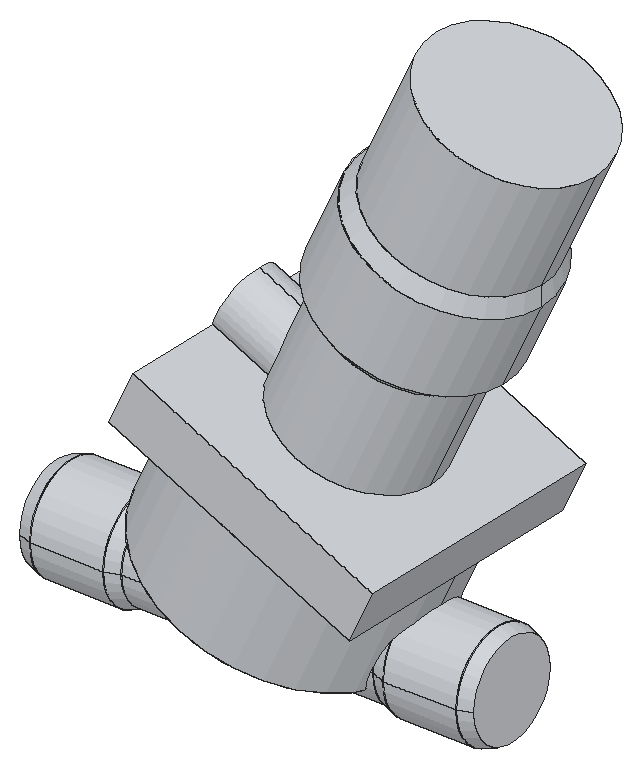
Revit family "OPTIMA_Compact_P_MM_DN15_5,0_RFA_2018", category Pipe Accessories, Revit 2018
Family settings
  Round Connector Dimension = Use Diameter
  Part Type = Valve - Breaks Into
  Work Plane-Based = No
  Always vertical = Yes
  Cut with Voids When Loaded = No
  Shared = No
Parameters (values of type "OPTIMA Compact P DN15 M-M 5.0mm")
  magiProductId = "de010cba6d924babace2e100200bd1"
  magiProductFamilyId = "5ce2593e541b4756b7958a6220b877"
  magiPartTypeId = 304
  isMeasuringValve [instance] = no
  ang2D [instance] = 0.00°
  Z6 = 5 mm
  Z5 = 88.5 mm
  Z4 = 18.303 mm
  Z3 = 13 mm
  Z2 = 8.022 mm
  Z1 = 16.845 mm
  X2 = 10.5 mm
  X1 = 14.5 mm
  W2D = 15 mm
  VersionID = "2.0/2019.5.23.1/FRESE_OPTIMA-P_201"
  VIS0 = no
  Use Minimum Symbol Size [instance] = no
  URL = "www.hydronic.cz"
  Type Comments = "vnější závit; PN25; 0~120°C, dpmax=800kPa; bez měřicích vsuvek"
  TLT2 = 32.5 mm
  TL = 65 mm
  R7 = 5 mm
  R5 = 13.794 mm
  R4 = 12.54 mm
  R3 = 11.4 mm
  R2__ve = -R2  # -19 mm
  R2 = 19 mm
  R1 = 6.75 mm
  QmdConnectorList = "301;D;302;D"
  Productdata [instance] = ""
  Manufacturer = "Hydronic Systems Prague s.r.o."
  MC Product Code = "53-4102  (1/2\" M-M; 5.0mm; Qmin~Qmax při dps=5kPa = 198~1032 l/h; Qmin~Qmax při dps=10kPa = 156~809 l/h; kvs=2,7)"
  MC Piping Given Pressure Drop [instance] = 0.0 Pa
  MC Enable LOD 350 = no
  MC Enable LOD 200 = no
  MC Constant Outlet Pressure [instance] = 0.0 Pa
  LLDONLY = not(BBVIS)  # yes
  LLDAndHLD = and(or(LLDONLY, MC Enable LOD 350), not(BBVIS))  # yes
  L4 = 13.435 mm
  L3 = 19 mm
  L2D_Min = 30.48 mm
  L2D = 36 mm
  L2 = 44.42 mm
  L = 36 mm
  HH = 80.215 mm
  H = 83 mm
  ENBL350 = and(MC Enable LOD 350, not(BBVIS))  # no
  Description = "Armatura pro regulaci průtoku, omezení průtoku a stabilizaci tlakové diference"
  DT2 = 7.5 mm
  D = 15 mm
  CAT = no
  BBVIS = MC Enable LOD 200  # no
Types (4, lengths in mm): name | magiProductId | Z5 | X2 | X1 | W2D | TLT2 | TL | R1 | MC Product Code | L2D | L | DT2 | D
  OPTIMA Compact P DN15 M-M 2.5mm | "e2c6e2867cb04e20b310fc655d8e25" | 88.5 | 10.5 | 14.5 | 15 | 32.5 | 65 | 6.75 | "53-4100  (1/2\" M-M; 2.5mm; Qmin~Qmax při dps=5kPa = 93~482 l/h; Qmin~Qmax při dps=10kPa = 73~378 l/h; kvs=1,3)" | 36 | 36 | 7.5 | 15
  OPTIMA Compact P DN15 M-M 5.0mm | "de010cba6d924babace2e100200bd1" | 88.5 | 10.5 | 14.5 | 15 | 32.5 | 65 | 6.75 | "53-4102  (1/2\" M-M; 5.0mm; Qmin~Qmax při dps=5kPa = 198~1032 l/h; Qmin~Qmax při dps=10kPa = 156~809 l/h; kvs=2,7)" | 36 | 36 | 7.5 | 15
  OPTIMA Compact P DN20 M-M 2.5mm | "9b3b796f370b421c8a31739fcad6d9" | 91 | 12.8 | 16.8 | 20 | 35 | 70 | 9 | "53-4103  (3/4\" M-M; 2.5mm; Qmin~Qmax při dps=5kPa = 93~482 l/h; Qmin~Qmax při dps=10kPa = 73~378 l/h; kvs=1,3)" | 36.4 | 36.4 | 10 | 20
  OPTIMA Compact P DN20 M-M 5.0mm | "2f6d325ab3f64974a2f7ca30c30193" | 91 | 12.8 | 16.8 | 20 | 35 | 70 | 9 | "53-4105  (3/4\" M-M; 5.0mm; Qmin~Qmax při dps=5kPa = 198~1032 l/h; Qmin~Qmax při dps=10kPa = 156~809 l/h; kvs=2,7)" | 36.4 | 36.4 | 10 | 20
Reference planes
  plane 1 "Center (Front/Back)": y = 0
  plane 2 "XYPLANE": z = 0
  plane 3 "Center (Left/Right)": x = 0
  plane 4 "100": y = -19
  plane 5 "99": y = 19
  plane 6 "98": x = 44.42
  plane 7 "94": through (-654.382, 0, 375.613) normal (0.4226, 0, 0.9063)
  plane 8 "92": through (-655.439, 0, 373.347) normal (0.4226, 0, 0.9063)
  plane 9 "86": z = -7.5
  plane 10 "76": through (305.901, 0, 683.957) normal (0.9063, 0, -0.4226)
  plane 11 "60": through (-660.933, 0, 361.565) normal (0.4226, 0, 0.9063)
  plane 12 "57": through (-661.99, 0, 359.299) normal (0.4226, 0, 0.9063)
  plane 13 "55": through (-669.109, 0, 344.032) normal (0.4226, 0, 0.9063)
  plane 14 "52": through (-668.263, 0, 345.845) normal (0.4226, 0, 0.9063)
  plane 15 "48": through (-672.499, 0, 336.762) normal (0.4226, 0, 0.9063)
  plane 16 "47": y = -19
  plane 17 "46": y = 19
  plane 18 "45": through (332.184, 0, 671.701) normal (0.9063, 0, -0.4226)
  plane 19 "44": through (297.744, 0, 687.761) normal (0.9063, 0, -0.4226)
  plane 20 "40": through (-682.576, 0, 315.151) normal (0.4226, 0, 0.9063)
  plane 21 "38": through (-679.618, 0, 321.495) normal (0.4226, 0, 0.9063)
  plane 22 "37": y = 0
  plane 23 "36": through (314.964, 0, 679.731) normal (0.9063, 0, -0.4226)
  plane 24 "32": x = 30.5
  plane 25 "31": x = 20
  plane 26 "30": x = 18
  plane 27 "19": x = -18
  plane 28 "18": x = -20
  plane 29 "12": x = -30.5
  plane 30 "6": x = 32.5
  plane 31 "5": x = -32.5
  plane 32 "3": z = 0
  plane 33 "2": y = 0
  plane 34 "33XY": through (-681.731, 0, 316.964) normal (0.4226, 0, 0.9063)
  plane 35 "33XZ": y = 0
  plane 36 "33YZ": through (314.964, 0, 679.731) normal (0.9063, 0, -0.4226)
Forms (mm)
  Extrusion 1, solid, visible <- "BBVIS"
    sketch origin (-750, 0, -7.5) x (1, 0, 0) y (0, 1, 0)
      loop
        line (717.5, 19) -> (717.5, -19) -> (794.42, -19) -> (794.42, 19) -> (717.5, 19)
    from 0 to 88.5 <- "Z5"
  Extrusion 2, solid, visible <- "LLDAndHLD"
    sketch origin (-654.382, 0, 375.613) x (0.906308, 0, -0.422618) y (0, 1, 0)
      loop
        circle (750, 0) r 12.54
    from 0 to 18.303 <- "Z4"
  Blend 3, solid, visible <- "LLDAndHLD"
    base sketch origin (-655.439, 0, 373.347) x (0.906308, 0, -0.422618) y (0, 1, 0)
      loop
        circle (750, 0) r 13.794
    top sketch origin (-655.439, 0, 373.347) x (0.906308, 0, -0.422618) y (0, 1, 0)
      loop
        circle (750, 0) r 12.54
    from 0 to 2.5
  Extrusion 4, solid, visible <- "LLDAndHLD"
    sketch origin (-660.933, 0, 361.565) x (0.906308, 0, -0.422618) y (0, 1, 0)
      loop
        circle (750, 0) r 13.794
    from 0 to 13 <- "Z3"
  Blend 5, solid, visible <- "LLDAndHLD"
    base sketch origin (-661.99, 0, 359.299) x (0.906308, 0, -0.422618) y (0, 1, 0)
      loop
        circle (750, 0) r 11.4
    top sketch origin (-661.99, 0, 359.299) x (0.906308, 0, -0.422618) y (0, 1, 0)
      loop
        circle (750, 0) r 12.54
    from 0 to 2.5
  Extrusion 6, solid, visible <- "LLDAndHLD"
    sketch origin (-669.109, 0, 344.032) x (0.906308, 0, -0.422618) y (0, 1, 0)
      loop
        circle (750, 0) r 11.4
    from 0 to 16.845 <- "Z1"
  Extrusion 7, solid, visible <- "LLDAndHLD"
    sketch origin (314.964, 0, 679.731) x (-0.422618, 0, -0.906308) y (0, 1, 0)
      loop
        circle (718.133, 0) r 5
    from 0 to -19 <- "R2__ve"
  Extrusion 8, solid, visible <- "LLDAndHLD"
    sketch origin (-672.499, 0, 336.762) x (0.906308, 0, -0.422618) y (0, 1, 0)
      loop
        line (731, 19) -> (731, -19) -> (769, -19) -> (769, 19) -> (731, 19)
    from 0 to 8.022 <- "Z2"
  Blend 9, solid, visible <- "LLDAndHLD"
    base sketch origin (-682.576, 0, 315.151) x (0.906308, 0, -0.422618) y (0, 1, 0)
      loop
        circle (740, 0) r 6.75
    top sketch origin (-682.576, 0, 315.151) x (0.906308, 0, -0.422618) y (0, 1, 0)
      loop
        circle (750, 0) r 19
    from 0 to 7
  Extrusion 10, solid, visible <- "LLDAndHLD"
    sketch origin (-679.618, 0, 321.495) x (0.906308, 0, -0.422618) y (0, 1, 0)
      loop
        circle (750, 0) r 19
    from 0 to 16.845 <- "Z1"
  Extrusion 11, solid, visible <- "LLDAndHLD"
    sketch origin (-18, -750, 0) x (0, 1, 0) y (0, 0, 1)
      loop
        circle (750, 0) r 6.75
    from 0 to 36 <- "L"
  Blend 12, solid, visible <- "LLDAndHLD"
    base sketch origin (18, -750, 0) x (0, 1, 0) y (0, 0, 1)
      loop
        circle (750, 0) r 6.75
    top sketch origin (18, -750, 0) x (0, 1, 0) y (0, 0, 1)
      loop
        circle (750, 0) r 7.5
    from 0 to 2
  Extrusion 13, solid, visible <- "LLDAndHLD"
    sketch origin (20, -750, 0) x (0, 1, 0) y (0, 0, 1)
      loop
        circle (750, 0) r 7.5
    from 0 to 10.5 <- "X2"
  Blend 14, solid, visible <- "LLDAndHLD"
    base sketch origin (32.5, -750, 0) x (0, 1, 0) y (0, 0, 1)
      loop
        circle (750, 0) r 6.75
    top sketch origin (32.5, -750, 0) x (0, 1, 0) y (0, 0, 1)
      loop
        circle (750, 0) r 7.5
    from 0 to -2
  Blend 15, solid, visible <- "LLDAndHLD"
    base sketch origin (-18, -750, 0) x (0, 1, 0) y (0, 0, 1)
      loop
        circle (750, 0) r 6.75
    top sketch origin (-18, -750, 0) x (0, 1, 0) y (0, 0, 1)
      loop
        circle (750, 0) r 7.5
    from 0 to -2
  Extrusion 16, solid, visible <- "LLDAndHLD"
    sketch origin (-30.5, -750, 0) x (0, 1, 0) y (0, 0, 1)
      loop
        circle (750, 0) r 7.5
    from 0 to 10.5 <- "X2"
  Blend 17, solid, visible <- "LLDAndHLD"
    base sketch origin (-32.5, -750, 0) x (0, 1, 0) y (0, 0, 1)
      loop
        circle (750, 0) r 6.75
    top sketch origin (-32.5, -750, 0) x (0, 1, 0) y (0, 0, 1)
      loop
        circle (750, 0) r 7.5
    from 0 to 2
  Extrusion 18, solid, not visible
    sketch origin (18, -750, 0) x (0, 1, 0) y (0, 0, 1)
      loop
        circle (750, 0) r 10
    from 0 to -10
  Extrusion 19, solid, not visible
    sketch origin (-18, -750, 0) x (0, 1, 0) y (0, 0, 1)
      loop
        circle (750, 0) r 10
    from 0 to 10
Lines and regions (mm)
  reference lines, not visible
    curve 1: circle (2, 2, 0) r 1 normal (0, 0, 1)
Dimensions and locks
  plane 1 "Center (Front/Back)" to curve 1 = 2 mm
  "R2": plane 1 "Center (Front/Back)" to plane 4 "100"
  "R2": plane 1 "Center (Front/Back)" to plane 5 "99"
  "L2": plane 3 "Center (Left/Right)" to plane 6 "98"
  locked: plane 8 "92" to plane 7 "94" at 2.5
  "Z3": plane 11 "60" to plane 8 "92"
  "DT2": plane 2 "XYPLANE" to plane 9 "86"
  locked: plane 36 "33YZ" to plane 10 "76" at 10
  locked: plane 12 "57" to plane 11 "60" at 2.5
  "Z1": plane 13 "55" to plane 12 "57"
  "Z2": plane 15 "48" to plane 13 "55"
  locked: plane 13 "55" to plane 14 "52" at 2
  "Z1": plane 21 "38" to plane 15 "48"
  "R2": plane 35 "33XZ" to plane 16 "47"
  "R2": plane 35 "33XZ" to plane 17 "46"
  "R2": plane 36 "33YZ" to plane 18 "45"
  "R2": plane 36 "33YZ" to plane 19 "44"
  locked: plane 34 "33XY" to plane 20 "40" at 2
  locked: plane 34 "33XY" to plane 21 "38" at 5
  locked: plane 35 "33XZ" to plane 22 "37"
  locked: plane 36 "33YZ" to plane 23 "36"
  "X2": plane 25 "31" to plane 24 "32"
  locked: plane 26 "30" to plane 25 "31" at 2
  "L": plane 27 "19" to plane 26 "30"
  locked: plane 28 "18" to plane 27 "19" at 2
  "X2": plane 29 "12" to plane 28 "18"
  locked: plane 31 "5" to plane 29 "12" at 2
  locked: plane 24 "32" to plane 30 "6" at 2
  "TLT2": plane 3 "Center (Left/Right)" to plane 31 "5"
  locked: plane 2 "XYPLANE" to plane 32 "3"
  locked: plane 1 "Center (Front/Back)" to plane 33 "2"
  Extrusion 1 sketch curve to Extrusion 1 sketch curve = 0 mm  (x8)
  Extrusion 8 sketch curve to Extrusion 8 sketch curve = 0 mm  (x8)
  "R4": radius of Extrusion 2 sketch curve
  "R4": radius of Blend 3 sketch curve
  "R5": radius of Blend 3 sketch curve
  "R5": radius of Extrusion 4 sketch curve
  "R4": radius of Blend 5 sketch curve
  "R3": radius of Blend 5 sketch curve
  "R3": radius of Extrusion 6 sketch curve
  "R7": radius of Extrusion 7 sketch curve
  "R2": radius of Blend 9 sketch curve
  "R1": radius of Blend 9 sketch curve
  "R2": radius of Extrusion 10 sketch curve
  "R1": radius of Extrusion 11 sketch curve
  "DT2": radius of Blend 12 sketch curve
  "R1": radius of Blend 12 sketch curve
  "DT2": radius of Extrusion 13 sketch curve
  "DT2": radius of Blend 14 sketch curve
  "R1": radius of Blend 14 sketch curve
  "DT2": radius of Blend 15 sketch curve
  "R1": radius of Blend 15 sketch curve
  "DT2": radius of Extrusion 16 sketch curve
  "DT2": radius of Blend 17 sketch curve
  "R1": radius of Blend 17 sketch curve
  aligned and locked: level to plane 2 "XYPLANE"
  aligned and locked: Extrusion 1 sketch curve to plane 31 "5"
  aligned and locked: plane 5 "99" to Extrusion 1 sketch curve  (x2)
  aligned and locked: plane 4 "100" to Extrusion 1 sketch curve  (x2)
  aligned and locked: plane 31 "5" to Extrusion 1 sketch curve
  aligned and locked: plane 6 "98" to Extrusion 1 sketch curve  (x2)
  aligned and locked: plane 22 "37" to Extrusion 2 sketch curve
  aligned and locked: Extrusion 2 sketch curve to plane 23 "36"
  aligned and locked: plane 22 "37" to Blend 3 sketch curve  (x2)
  aligned and locked: Blend 3 sketch curve to plane 23 "36"  (x2)
  aligned and locked: plane 7 "94" to Blend 3
  aligned and locked: plane 22 "37" to Extrusion 4 sketch curve
  aligned and locked: Extrusion 4 sketch curve to plane 23 "36"
  aligned and locked: plane 22 "37" to Blend 5 sketch curve  (x2)
  aligned and locked: Blend 5 sketch curve to plane 23 "36"  (x2)
  aligned and locked: plane 11 "60" to Blend 5
  aligned and locked: plane 22 "37" to Extrusion 6 sketch curve
  aligned and locked: Extrusion 6 sketch curve to plane 23 "36"
  aligned and locked: plane 14 "52" to Extrusion 7 sketch curve
  aligned and locked: plane 22 "37" to Extrusion 7 sketch curve
  aligned and locked: Extrusion 8 sketch curve to plane 19 "44"  (x2)
  aligned and locked: plane 17 "46" to Extrusion 8 sketch curve  (x2)
  aligned and locked: Extrusion 8 sketch curve to plane 16 "47"
  aligned and locked: Extrusion 8 sketch curve to plane 18 "45"
  aligned and locked: plane 16 "47" to Extrusion 8 sketch curve
  aligned and locked: plane 18 "45" to Extrusion 8 sketch curve
  aligned and locked: plane 22 "37" to Blend 9 sketch curve  (x2)
  aligned and locked: Blend 9 sketch curve to plane 23 "36"
  aligned and locked: Blend 9 sketch curve to plane 10 "76"
  aligned and locked: plane 21 "38" to Blend 9
  aligned and locked: plane 22 "37" to Extrusion 10 sketch curve
  aligned and locked: Extrusion 10 sketch curve to plane 23 "36"
  aligned and locked: plane 32 "3" to Extrusion 11 sketch curve
  aligned and locked: Extrusion 11 sketch curve to plane 33 "2"
  aligned and locked: plane 32 "3" to Blend 12 sketch curve  (x2)
  aligned and locked: Blend 12 sketch curve to plane 33 "2"  (x2)
  aligned and locked: plane 25 "31" to Blend 12
  aligned and locked: plane 32 "3" to Extrusion 13 sketch curve
  aligned and locked: Extrusion 13 sketch curve to plane 33 "2"
  aligned and locked: plane 32 "3" to Blend 14 sketch curve  (x2)
  aligned and locked: Blend 14 sketch curve to plane 33 "2"  (x2)
  aligned and locked: Blend 14 to plane 24 "32"
  aligned and locked: plane 32 "3" to Blend 15 sketch curve  (x2)
  aligned and locked: Blend 15 sketch curve to plane 33 "2"  (x2)
  aligned and locked: Blend 15 to plane 28 "18"
  aligned and locked: plane 32 "3" to Extrusion 16 sketch curve
  aligned and locked: Extrusion 16 sketch curve to plane 33 "2"
  aligned and locked: plane 32 "3" to Blend 17 sketch curve  (x2)
  aligned and locked: Blend 17 sketch curve to plane 33 "2"  (x2)
  aligned and locked: plane 29 "12" to Blend 17
  aligned and locked: plane 32 "3" to Extrusion 18 sketch curve
  aligned and locked: Extrusion 18 sketch curve to plane 33 "2"
  aligned and locked: plane 32 "3" to Extrusion 19 sketch curve
  aligned and locked: Extrusion 19 sketch curve to plane 33 "2"
Automatic sketch dimensions
  plane 4 "100" to Extrusion 18 sketch curve = 9 mm
  plane 4 "100" to Extrusion 19 sketch curve = 9 mm
  plane 3 "Center (Left/Right)" to curve 1 = 2 mm
  radius of curve 1 = 1 mm
Nested families
  nested 1: "1_RadialArray" at (10.622, 0, 27.068) x (0.6409, 0.7071, -0.2988) z (0.4226, 0, 0.9063), L1 <- "L3", type "Family2"
    with StartAngle 0.00°, NumberOfObjects 4, ModelLinesVisible no, L1 19 mm, H 5 mm, DN 10 mm, ArcAngle 360.00°
Connectors
  piping at (-18, 0, 0), diameter 15, driven by "D"
    settings: on Extrusion 19, index 1, connector inside diameter 609.6 mm, connector length 0 mm, flow factor 0, pipe flow 0.0 L/s, pressure drop 0.0 Pa, fitting loss kfactor 0, connector angle 0.00°, fixture units 0, engagement length 0 mm, angle of deflection 0.00°, flow configuration 0, flow direction 0, fitting loss method 0, system type 29, joint type 0, gender type 0, connector reference index 2, connector utility 0, adjustable connector no, is connector primary yes, connector description ""
  piping at (18, 0, 0), diameter 15, driven by "D"
    settings: on Extrusion 18, index 2, connector inside diameter 609.6 mm, connector length 0 mm, flow factor 0, pipe flow 0.0 L/s, pressure drop 0.0 Pa, fitting loss kfactor 0, connector angle 0.00°, fixture units 0, engagement length 0 mm, angle of deflection 0.00°, flow configuration 0, flow direction 0, fitting loss method 0, system type 29, joint type 0, gender type 0, connector reference index 1, connector utility 0, adjustable connector no, is connector primary no, connector description ""
